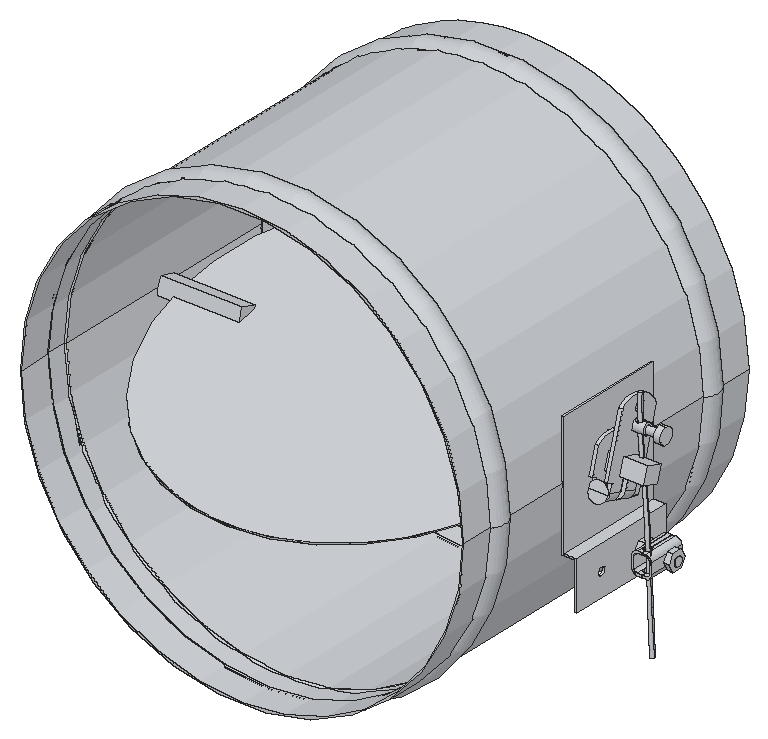
Revit family "BO-RI", category Mechanical Equipment, Revit 2015
Parameters
  Void Radius [instance] = Radius - 0' 0 5/256"  # 0' - 4 251/256"
  URL = "http://unitedenertech.com/catalog/pdf/E_7%20Model%20BO-RI.pdf"
  Type Comments = "Max. Size is (20\" Diameter)"
  Radius [instance] = 0.5 * Exact Diameter  # 0' - 5"
  Model = "BO-RI"
  Manufacturer = "United Enertech Corporation"
  Keynote = "Shaft options set to visibility parameters, correct shaft and size will appear when loaded into project."
  Inner Radius [instance] = Radius - 0' 0 9/256"  # 0' - 4 247/256"
  Exact Diameter = 0' - 10"
  Description = "Round Single Blade Bowden Cable System Damper"
  Depth = 0' - 8"
  Blade Radius [instance] = Inner Radius - 0' 0 3/8"  # 0' - 4 151/256"
  3/8" Pin Visibility [instance] = if(Exact Diameter < 1' 3 251/256", 2 > 1, 1 > 2)  # yes
  1/2" Shaft Visibility [instance] = if(Exact Diameter > 1' 3 251/256", 2 > 1, 1 > 2)  # no
Reference planes (in)
  plane 1 "Center (Front/Back)": y = 0
  plane 2: z = 0
  plane 3 "Center (Left/Right)": x = 0
  plane 4: x = -5
  plane 5: x = 5
  plane 6: y = 8
  plane 7: y = 7
  plane 8: y = 1
  plane 9: x = -5.6
  plane 10: x = -3.1
  plane 11: x = 3.1
  plane 12: x = 6.0408
  plane 13: x = 6.85359
Forms (in)
  Extrusion 1, solid
    sketch origin (0, 0, 0) x (1, 0, 0) y (0, 0, 1)
      loop
        circle (0, 0) r 5
      loop
        circle (0, 0) r 4.96484
    from 0 to -8
  Sweep 2, solid
    path origin (0, 1, 0) x (1, 0, 0) y (0, 0, 1)
      loop
        circle (0, 0) r 5
    profile "Bead Sweep : Bead Sweep" origin (0, 1, 5) x (0, 0, -1) y (0, -1, 0)
      loop
        arc (0, 0.279) -> (-0.12, 0) -> (0, -0.279) r 0.38434
        line (0, -0.279) -> (0, 0.279)
  Sweep 3, solid
    path origin (0, 7, 0) x (1, 0, 0) y (0, 0, 1)
      loop
        circle (0, 0) r 5
    profile "Bead Sweep : Bead Sweep" origin (0, 7, 5) x (0, 0, -1) y (0, -1, 0)
      loop
        arc (0, 0.279) -> (-0.12, 0) -> (0, -0.279) r 0.38434
        line (0, -0.279) -> (0, 0.279)
  Sweep 4, void
    path origin (0, 1, 0) x (1, 0, 0) y (0, 0, 1)
      loop
        circle (0, 0) r 4.98047
    profile "Bead Void Sweep : Bead Void Sweep" origin (0, 1, 4.98047) x (0, 0, -1) y (0, -1, 0)
      loop
        arc (0.15416, 0.3555) -> (-0.0841, 0) -> (0.15416, -0.3555) r 0.38434
        line (0.15416, -0.3555) -> (0.15416, 0.3555)
  Sweep 5, void
    path origin (0, 7, 0) x (1, 0, 0) y (0, 0, 1)
      loop
        circle (0, 0) r 4.98047
    profile "Bead Void Sweep : Bead Void Sweep" origin (0, 7, 4.98047) x (0, 0, -1) y (0, -1, 0)
      loop
        arc (0.15416, 0.3555) -> (-0.0841, 0) -> (0.15416, -0.3555) r 0.38434
        line (0.15416, -0.3555) -> (0.15416, 0.3555)
  Extrusion 6, solid
    sketch origin (0, 2.96472, 3.8637) x (1, 0, 0) y (0, 0.965926, 0.258819)
      loop
        circle (0, 0) r 4.58984
    from -4.01795 to -3.98205
  Extrusion 7, solid, visible <- "3/8" Pin Visibility"
    sketch origin (-15.25, -8.52876, 10.61619) x (0, 0.961262, -0.275637) y (0, 0.275637, 0.961262)
      loop
        line (15.15714, -6.93904) -> (15.15714, -6.56404) -> (14.78214, -6.56404) -> (14.78214, -6.93904) -> (15.15714, -6.93904)
    from 9.65 to 12.15
  Extrusion 8, solid, visible <- "3/8" Pin Visibility"
    sketch origin (11.25, -8.15063, 11.04697) x (0, 0.951057, -0.309017) y (0, 0.309017, 0.951057)
      loop
        line (15.15714, -6.93904) -> (15.15714, -6.56404) -> (14.78214, -6.56404) -> (14.78214, -6.93904) -> (15.15714, -6.93904)
    from -8.15 to -5.2092
  Extrusion 9, solid, visible <- "1/2" Shaft Visibility"
    sketch origin (0, 0, 0) x (0, 1, 0) y (0, 0, 1)
      loop
        circle (4, 0) r 0.25
    from -5.6 to 6.0408
Cuts and joins
  Sweep 4, Sweep 5 cuts Extrusion 1
  Sweep 5 cuts Sweep 2
Dimensions and locks (in)
  equal spacing: plane 4, plane 3 "Center (Left/Right)", plane 5
  "Exact Diameter": plane 4 to plane 5
  "Depth": plane 6 to plane 1 "Center (Front/Back)"
  locked: plane 8 to plane 1 "Center (Front/Back)" at 1
  locked: plane 6 to plane 7 at 1
  locked: plane 9 to plane 4 at 0.6
  locked: plane 4 to plane 10 at 1.9
  locked: plane 11 to plane 5 at 1.9
  locked: plane 5 to plane 12 at 1.0408
  locked: plane 13 to plane 12 at 0.81279
  "Inner Radius": radius of Extrusion 1 sketch curve
  "Radius": radius of Extrusion 1 sketch curve
  "Radius": radius of Sweep 2 sketch curve
  "Radius": radius of Sweep 3 sketch curve
  "Void Radius": radius of Sweep 4 sketch curve
  "Void Radius": radius of Sweep 5 sketch curve
  "Blade Radius": radius of Extrusion 6 sketch curve
  aligned and locked: level to plane 2
  aligned and locked: plane 6 to Extrusion 1
  aligned and locked: plane 1 "Center (Front/Back)" to Extrusion 1
  aligned and locked: plane 10 to Extrusion 7
  aligned and locked: plane 9 to Extrusion 7
  aligned and locked: plane 11 to Extrusion 8
  aligned and locked: plane 9 to Extrusion 9
  aligned and locked: plane 12 to Extrusion 9
  aligned and locked: plane 12 to Extrusion 8
  aligned and locked: nested 1 to plane 5
Automatic sketch dimensions
  Extrusion 9 sketch curve to level = 0' - 0"
  plane 7 to Extrusion 9 sketch curve = 0' - 3"
  Extrusion 7 sketch curve to level = 0' - 0.12855"
  Extrusion 7 sketch curve to plane 8 = 0' - 2.76808"
  Extrusion 7 sketch curve to Extrusion 7 sketch curve = 0' - 0 3/8"  (x2)
  Extrusion 8 sketch curve to level = 0' - 0.12038"
  Extrusion 8 sketch curve to plane 8 = 0' - 2.76374"
  Extrusion 8 sketch curve to Extrusion 8 sketch curve = 0' - 0 3/8"  (x2)
  Extrusion 1 sketch curve to Extrusion 1 sketch curve = 0' - 0"  (x2)
  Extrusion 1 sketch curve to level = 0' - 0"
  Extrusion 1 sketch curve to plane 3 "Center (Left/Right)" = 0' - 0"
  Sweep 2 sketch curve to level = 0' - 0"
  Sweep 2 sketch curve to plane 3 "Center (Left/Right)" = 0' - 0"
  Sweep 3 sketch curve to level = 0' - 0"
  Sweep 3 sketch curve to plane 3 "Center (Left/Right)" = 0' - 0"
  Sweep 4 sketch curve to level = 0' - 0"
  Sweep 4 sketch curve to plane 3 "Center (Left/Right)" = 0' - 0"
  Sweep 5 sketch curve to level = 0' - 0"
  Sweep 5 sketch curve to plane 3 "Center (Left/Right)" = 0' - 0"
  Extrusion 6 sketch curve to plane 3 "Center (Left/Right)" = 0' - 0"
  radius of Extrusion 9 sketch curve = 0' - 0 1/4"
Nested families (in)
  nested 1: "Bowden Controller" at (-3.06566, 5.24314, 8.86308) x (0, 0, 1) z (0, -1, 0), type "Bowden Controller"
Definition of nested family "Bowden Controller"
  Reference planes (in)
    plane 1 "Center (Front/Back)": y = 0
    plane 2: z = 0
    plane 3 "Center (Left/Right)": x = 0
  Forms (in)
    Extrusion 1, solid
      sketch origin (0, 1.16568, 0) x (1, 0, 0) y (0, 1, 0)
        loop
          line (-11.33818, -9.57834) -> (-10.24418, -9.57834) -> (-10.24418, -9.27914) -> (-7.48198, -9.27914) -> (-7.48198, -9.23134) -> (-10.29198, -9.23134) -> (-10.29198, -9.53054) -> (-11.33818, -9.53054) -> (-11.33818, -9.57834)
      from 0 to 2.5
    Extrusion 2, void
      sketch origin (0, 0, 0) x (1, 0, 0) y (0, 0, 1)
        loop
          circle (-10.80456, 1.814) r 0.1
      from 8.11346 to 8.69111
    Extrusion 3, void
      sketch origin (0, 0, 2.5) x (1, 0, 0) y (0, 0, 1)
        loop
          circle (-10.80456, -1.814) r 0.1
      from 8.11346 to 8.69111
    Extrusion 4, void
      sketch origin (0, 0, 0) x (1, 0, 0) y (0, 0, 1)
        loop
          circle (-8.86308, 1.25) r 0.4375
      from 7.46393 to 8.69111
    Extrusion 5, solid
      sketch origin (-4.60825, -8.36486, -0.54008) x (1, 0, 0) y (0, 0, 1)
        loop
          circle (-6.1963, 1.22608) r 0.095
      from 0 to 0.88668
    Revolve 6, solid
      sketch origin (-4.60825, -8.36486, 0.686) x (1, 0, 0) y (0, 1, 0)
        loop
          line (-6.4163, 0.125) -> (-6.2913, 0) -> (-6.1963, 0) -> (-6.1963, 0.125) -> (-6.4163, 0.125)
        axis (-6.1963, 0) -> (-6.1963, 0.125)
      angle from 0 to 360
    Extrusion 7, solid
      sketch origin (-6.09625, -8.43895, -0.48569) x (1, 0, 0) y (0, 0, 1)
        loop
          line (-4.89304, 1.27995) -> (-4.89304, 1.06344) -> (-4.70554, 0.95519) -> (-4.51804, 1.06344) -> (-4.51804, 1.27995) -> (-4.70554, 1.3882) -> (-4.89304, 1.27995)
      from 0 to 0.128
    Extrusion 8, void
      sketch origin (-5.45346, -8.43895, 0.28035) x (1, 0, 0) y (0, 0, 1)
        loop
          circle (-5.34833, 0.40565) r 0.095
      from -0.10167 to 0.17385
    Extrusion 9, solid
      sketch origin (-18.94958, 1.04, 0.35517) x (0, 1, 0) y (-1, 0, 0)
        loop
          line (-9.8671, -8.39503) -> (-9.77214, -8.39503)
          arc (-9.77214, -8.39503) -> (-9.68372, -8.3584) -> (-9.6471, -8.26999) r 0.12504
          line (-9.6471, -8.26999) -> (-9.6471, -8.02073)
          arc (-9.6471, -8.02073) -> (-9.68391, -7.93184) -> (-9.7728, -7.89503) r 0.12571
          line (-9.7728, -7.89503) -> (-9.8671, -7.89503) -> (-9.8671, -7.94283) -> (-9.75861, -7.94283)
          arc (-9.75861, -7.94283) -> (-9.71356, -7.96149) -> (-9.6949, -8.00654) r 0.06372
          line (-9.6949, -8.00654) -> (-9.6949, -8.28351)
          arc (-9.6949, -8.28351) -> (-9.71356, -8.32856) -> (-9.75861, -8.34723) r 0.06372
          line (-9.75861, -8.34723) -> (-9.8671, -8.34723) -> (-9.8671, -8.39503)
      from 0 to 0.835
    Extrusion 10, void
      sketch origin (-18.94958, -8.51144, 1.1835) x (-1, 0, 0) y (0, 0, -1)
        loop
          circle (-8.14503, 0.495) r 0.105
      from 0 to 0.26024
    Extrusion 11, void
      sketch origin (-2.65953, 3.23856, 0.1935) x (0, 1, 0) y (0, 0, 1)
        loop
          circle (-12.06566, 0.82667) r 0.094
      from -8.5611 to -7.71467
    Extrusion 12, solid
      sketch origin (-18.94958, -18.69419, 0.35517) x (0, 1, 0) y (-1, 0, 0)
        loop
          line (9.8671, -8.39503) -> (9.8671, -8.34723) -> (9.75861, -8.34723)
          arc (9.75861, -8.34723) -> (9.71356, -8.32856) -> (9.6949, -8.28351) r 0.06372
          line (9.6949, -8.28351) -> (9.6949, -8.00654)
          arc (9.6949, -8.00654) -> (9.71356, -7.96149) -> (9.75861, -7.94283) r 0.06372
          line (9.75861, -7.94283) -> (9.8671, -7.94283) -> (9.8671, -7.89503) -> (9.7728, -7.89503)
          arc (9.7728, -7.89503) -> (9.68391, -7.93184) -> (9.6471, -8.02073) r 0.12571
          line (9.6471, -8.02073) -> (9.6471, -8.26999)
          arc (9.6471, -8.26999) -> (9.68372, -8.3584) -> (9.77214, -8.39503) r 0.12504
          line (9.77214, -8.39503) -> (9.8671, -8.39503)
      from 0 to 0.835
    Extrusion 13, void
      sketch origin (-18.94958, -9.14276, 1.1835) x (-1, 0, 0) y (0, 0, 1)
        loop
          circle (-8.14503, -0.495) r 0.105
      from 0 to 0.26024
    Extrusion 14, void
      sketch origin (-2.65953, -20.89276, 0.1935) x (0, -1, 0) y (0, 0, -1)
        loop
          circle (-12.06566, -0.82667) r 0.094
      from -8.5611 to -7.71467
    Extrusion 15, solid
      sketch origin (-6.09625, -9.21525, -0.48569) x (1, 0, 0) y (0, 0, -1)
        loop
          line (-4.89304, -1.27995) -> (-4.70554, -1.3882) -> (-4.51804, -1.27995) -> (-4.51804, -1.06344) -> (-4.70554, -0.95519) -> (-4.89304, -1.06344) -> (-4.89304, -1.27995)
      from 0 to 0.128
    Extrusion 16, solid
      sketch origin (-4.89874, 1.46452, -0.48487) x (0.956305, 0, -0.292372) y (0, 1, 0)
        loop
          line (-2.93734, -10.02044) -> (-2.93734, -9.93944) -> (-4.78584, -9.93944)
          arc (-4.78584, -9.93944) -> (-4.91734, -9.80794) -> (-4.78584, -9.67644) r 0.1315
          line (-4.78584, -9.67644) -> (-3.72534, -9.67644) -> (-3.72534, -9.59544) -> (-4.78584, -9.59544)
          arc (-4.78584, -9.59544) -> (-4.99834, -9.80794) -> (-4.78584, -10.02044) r 0.2125
          line (-4.78584, -10.02044) -> (-2.93734, -10.02044)
      from 0 to 1
    Extrusion 17, void
      sketch origin (-4.89874, 1.46452, -0.48487) x (0.956305, 0, -0.292372) y (0.292372, 0, 0.956305)
        loop
          line (-3.188, 0) -> (-3.188, -0.19122) -> (-2.56999, -0.19122) -> (-2.56999, 1.22154) -> (-3.188, 1.22154) -> (-3.188, 1)
          arc (-3.188, 1) -> (-2.93734, 0.5) -> (-3.188, 0) r 0.62402
      from 9.88197 to 10.10816
    Extrusion 18, void
      sketch origin (-5.65231, 1.46452, -0.25448) x (0.956305, 0, -0.292372) y (0.292372, 0, 0.956305)
        loop
          line (-3.188, 0) -> (-3.188, -0.19122) -> (-2.56999, -0.19122) -> (-2.56999, 1.22154) -> (-3.188, 1.22154) -> (-3.188, 1)
          arc (-3.188, 1) -> (-2.93734, 0.5) -> (-3.188, 0) r 0.62402
      from 9.52572 to 9.8001
    Extrusion 19, void
      sketch origin (-4.89874, 1.46452, -0.48487) x (0.956305, 0, -0.292372) y (0.292372, 0, 0.956305)
        loop
          circle (-3.18334, 0.5) r 0.125
      from 9.67644 to 10.5
    Extrusion 20, void
      sketch origin (-4.89874, 1.46452, -0.48487) x (0.956305, 0, -0.292372) y (0.292372, 0, 0.956305)
        loop
          circle (-3.53134, 0.5) r 0.125
      from 9.67644 to 10.52044
    Extrusion 21, void
      sketch origin (-4.89874, 1.46452, -0.48487) x (0.956305, 0, -0.292372) y (0.292372, 0, 0.956305)
        loop
          line (-5.15454, 0.581) -> (-5.15454, 0.419) -> (-4.49084, 0.419) -> (-4.49084, 0.3075) -> (-4.10584, 0.3075) -> (-4.10584, 0.6925) -> (-4.49084, 0.6925) -> (-4.49084, 0.581) -> (-5.15454, 0.581)
      from 9.25154 to 10.26854
    Extrusion 22, void
      sketch origin (-4.96808, 1.46452, -0.71164) x (0.956305, 0, -0.292372) y (0.292372, 0, 0.956305)
        loop
          line (-4.99834, 1.23714) -> (-4.99834, 1.10514) -> (-4.57534, 1.10514) -> (-4.57534, 1.23714) -> (-4.99834, 1.23714)
      from 9.25154 to 10.19885
    Extrusion 23, void
      sketch origin (-5.22186, 1.46452, -1.54172) x (0.956305, 0, -0.292372) y (0.292372, 0, 0.956305)
        loop
          line (-4.99834, 1.23714) -> (-4.99834, 1.10514) -> (-4.57534, 1.10514) -> (-4.57534, 1.23714) -> (-4.99834, 1.23714)
      from 9.25154 to 10.19885
    Extrusion 24, solid
      sketch origin (-8.08776, -14.52887, 1.33974) x (0, -1, 0) y (-0.956305, 0, 0.292372)
        loop
          circle (-6.1963, 1.22608) r 0.095
      from 0 to 0.88668
    Revolve 25, solid
      sketch origin (-9.26026, -14.52887, 1.69821) x (0, -1, 0) y (0.292372, 0, 0.956305)
        loop
          line (-6.4163, 0.125) -> (-6.2913, 0) -> (-6.1963, 0) -> (-6.1963, 0.125) -> (-6.4163, 0.125)
        axis (-6.1963, 0) -> (-6.1963, 0.125)
      angle from 0 to 360
    Extrusion 26, solid
      sketch origin (-8.38839, -13.04087, 0.5424) x (0, -1, 0) y (0.956305, 0, -0.292372)
        loop
          line (-4.89304, -1.27995) -> (-4.70554, -1.3882) -> (-4.51804, -1.27995) -> (-4.51804, -1.06344) -> (-4.70554, -0.95519) -> (-4.89304, -1.06344) -> (-4.89304, -1.27995)
      from 0 to 0.128
    Extrusion 27, void
      sketch origin (-5.45346, -9.12437, 0.28035) x (1, 0, 0) y (0, 0, 1)
        loop
          circle (-5.34833, 0.40565) r 0.095
      from -0.10167 to 0.17385
    Extrusion 28, void
      sketch origin (-9.09439, -13.68366, 0.85328) x (0, -1, 0) y (-0.956305, 0, 0.292372)
        loop
          circle (-5.34833, 0.40565) r 0.095
      from -0.10167 to 0.17385
    Extrusion 29, solid
      sketch origin (-3.32807, -8.40992, -0.88362) x (1, 0, 0) y (0, 0, 1)
        loop
          circle (-4.80153, 1.90937) r 0.175
      from 0 to 0.065
    Extrusion 30, solid
      sketch origin (-3.32807, -8.40992, -0.88362) x (1, 0, 0) y (0, 0, 1)
        loop
          circle (-4.80153, 1.90937) r 0.1225
      from 0.065 to 0.421
    Extrusion 31, solid
      sketch origin (-3.32807, -8.40992, -0.88362) x (1, 0, 0) y (0, 0, 1)
        loop
          circle (-4.80153, 1.90937) r 0.095
      from 0.421 to 0.6885
    Extrusion 32, solid
      sketch origin (-3.32807, -8.65992, -0.88362) x (1, 0, 0) y (0, 0, 1)
        loop
          circle (-4.80153, 1.90937) r 0.175
      from 0.4385 to 0.5793
    Extrusion 33, void
      sketch origin (-3.32807, -8.40992, -0.88362) x (0, 1, 0) y (0, 0, 1)
        loop
          circle (-0.243, 1.90937) r 0.08044
      from -4.99008 to -4.61212
    Sweep 34, solid
      path in 3D
        loop
          spline (-12.69767, -8.93222, 1.02257) -> (-12.00336, -8.89056, 1.02257) -> (-11.39438, -8.86439, 1.02257) -> (-10.86338, -8.84677, 1.02257) -> (-10.40297, -8.83079, 1.02257) -> (-10.00568, -8.80963, 1.02257) -> (-9.65968, -8.78098, 1.02257) -> (-9.3473, -8.74864, 1.02257) -> (-9.05043, -8.71683, 1.02257) -> (-8.75092, -8.68977, 1.02257) -> (-8.42014, -8.67051, 1.02257) -> (-8.0037, -8.65918, 1.02257) -> (-7.44327, -8.65547, 1.02257)
      profile origin (-9.65968, -8.78098, 1.02257) x (-0.095223, 0.995456, 0) y (0, 0, 1)
        loop
          circle (0, 0) r 0.04209
  Cuts and joins
    Extrusion 2, Extrusion 3, Extrusion 4 cuts Extrusion 1
    Extrusion 8, Extrusion 27 cuts Extrusion 7
    Extrusion 10, Extrusion 11, Extrusion 13, Extrusion 14 cuts Extrusion 9
    Extrusion 13, Extrusion 14 cuts Extrusion 12
    Extrusion 17, Extrusion 18, Extrusion 19, Extrusion 20, Extrusion 21, Extrusion 22, Extrusion 23 cuts Extrusion 16
    Extrusion 27 cuts Revolve 6
    Extrusion 27, Extrusion 28 cuts Extrusion 15
    Extrusion 28 cuts Extrusion 26
    Extrusion 33 cuts Extrusion 30
  Lines and regions (in)
    sketch lines
      curve 1: spline (-12.69767, -8.93222, 1.02257) -> (-12.00336, -8.89056, 1.02257) -> (-11.39438, -8.86439, 1.02257) -> (-10.86338, -8.84677, 1.02257) -> (-10.40297, -8.83079, 1.02257) -> (-10.00568, -8.80963, 1.02257) -> (-9.65968, -8.78098, 1.02257) -> (-9.3473, -8.74864, 1.02257) -> (-9.05043, -8.71683, 1.02257) -> (-8.75092, -8.68977, 1.02257) -> (-8.42014, -8.67051, 1.02257) -> (-8.0037, -8.65918, 1.02257) -> (-7.44327, -8.65547, 1.02257)
  Dimensions and locks (in)
    aligned and locked: level to plane 2
